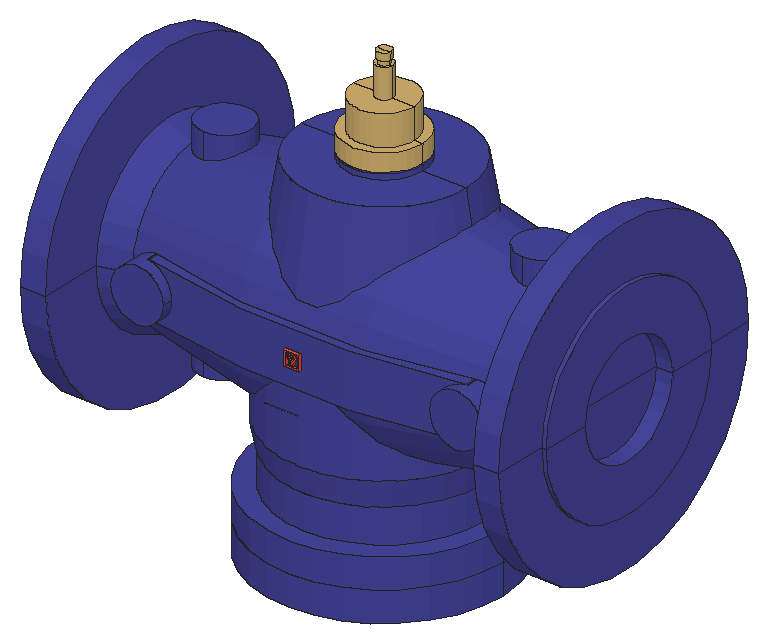
Revit family "Two port control valves 4035_PN16", category Rohrzubehör, Revit 2019
Family settings
  Bemaßung runder Anschluss = Durchmesser verwenden
  Teiletyp = Unterbricht
  OmniClass-Nummer = 23.65.55.14
  OmniClass-Titel = Valves for Liquid Services
  Arbeitsebenenbasiert = Nein
  Immer vertikal = Ja
  Beim Laden mit Abzugskörper schneiden = Nein
  Gemeinsam genutzt = Nein
Parameters (values of type "kvs63")
  kvs63 = yes
  kvs6.3 = no
  kvs40 = no
  kvs4 = no
  kvs330 = no
  kvs250 = no
  kvs25 = no
  kvs2.5 = no
  kvs160 = no
  kvs16 = no
  kvs100 = no
  kvs10 = no
  kvs1.6 = no
  kvs1 = no
  Weight [instance] = size_lookup("4035_PN16", "Gewicht", 25, Nennweite)  # 25
  Valve seat material = "WN1.4021"  # constant formula
  Valve cone material = "WN1.4021/brass"  # constant formula
  Valve curve characteristic = "equal percentage"  # constant formula
  URL = "www.herzvalves.com"
  Stem material = "WN1.4404"  # constant formula
  SCTWSEQ = "FW;SBT_TYP_FW=\"101\";2"
  SCTWCODE = "04;05;02"  # constant formula
  SCRNSEQ = "ARM;ARM_TYP=\"DURR\";2"
  SCRNCODE = "05;06;02"  # constant formula
  R14 = 4 mm  # constant formula
  R13 = 3 mm  # constant formula
  R12 = 5 mm  # constant formula
  R11 [instance] = size_lookup("4035_PN16", "R11", 18 mm, Nennweite)  # 18 mm
  R10 [instance] = size_lookup("4035_PN16", "R10", 23 mm, Nennweite)  # 23 mm
  R09 [instance] = size_lookup("4035_PN16", "R9", 49 mm, Nennweite)  # 49 mm
  R08 [instance] = R00 + 3 mm  # 68 mm
  R07 [instance] = size_lookup("4035_PN16", "R7", 15.5 mm, Nennweite)  # 15.5 mm
  R06 [instance] = size_lookup("4035_PN16", "R6", 15.5 mm, Nennweite)  # 15.5 mm
  R05 [instance] = size_lookup("4035_PN16", "R5", 62.5 mm, Nennweite)  # 62.5 mm
  R04 [instance] = size_lookup("4035_PN16", "R4", 59.5 mm, Nennweite)  # 59.5 mm
  R03 [instance] = size_lookup("4035_PN16", "R3", 43 mm, Nennweite)  # 71 mm
  R02 [instance] = size_lookup("4035_PN16", "R2", 43 mm, Nennweite)  # 43 mm
  R01 [instance] = size_lookup("4035_PN16", "R1", 55.5 mm, Nennweite)  # 55.5 mm
  R00 [instance] = size_lookup("4035_PN16", "R", 65 mm, Nennweite)  # 65 mm
  Part number [instance] = if(and(kvs1, Nennweite = 15 mm), 403501, if(and(kvs1.6, Nennweite = 15 mm), 403511, if(and(kvs2.5, Nennweite = 15 mm), 403521, if(and(kvs4, Nennweite = 15 mm), 403531, if(and(kvs6.3, Nennweite = 25 mm), 403503, if(and(kvs10, Nennweite = 25 mm), 403513, if(and(kvs16, Nennweite = 32 mm), 403504, if(and(kvs25, Nennweite = 40 mm), 403505, if(and(kvs40, Nennweite = 50 mm), 403516, if(and(kvs63, Nennweite = 65 mm), 403507, if(and(kvs100, Nennweite = 80 mm), 403508, if(and(kvs160, Nennweite = 100 mm), 403509, if(and(kvs250, Nennweite = 125 mm), 403510, if(and(kvs330, Nennweite = 150 mm), 403541, 0))))))))))))))  # 403507
  PN = 16  # constant formula
  Nennweite [instance] = 65 mm
  min. Operating temperature = 5 °C  # constant formula
  max. Operating temperature = 150 °C  # constant formula
  max. Operating pressure = 1600000.0 Pa  # constant formula
  Medium = "water purity in accordance with the ÖNORM H 5195 and VDI 2035 standards."
  LO1 [instance] = size_lookup("4035_PN16", "LO1", 28.5 mm, Nennweite)  # 68 mm
  L07 [instance] = L06 - R06  # 94.5 mm
  L06 [instance] = size_lookup("4035_PN16", "L6", 110 mm, Nennweite)  # 110 mm
  L05 [instance] = D00  # 92.5 mm
  L03 = 10 mm  # constant formula
  L02 [instance] = size_lookup("4035_PN16", "L2", 15 mm, Nennweite)  # 15 mm
  L01 = 3 mm  # constant formula
  L00 [instance] = size_lookup("4035_PN16", "L", 145 mm, Nennweite)  # 145 mm
  Hersteller = "Herz-Armaturen GmbH"  # constant formula
  H18 [instance] = 17.5 mm  # constant formula
  H15 = 4 mm  # constant formula
  H14 [instance] = size_lookup("4035_PN16", "H14", 17 mm, Nennweite)  # 17 mm
  H13 [instance] = size_lookup("4035_PN16", "H13", 18 mm, Nennweite)  # 18 mm
  H12 [instance] = size_lookup("4035_PN16", "H12", 10.5 mm, Nennweite)  # 10.5 mm
  H11 [instance] = size_lookup("4035_PN16", "H11", 52.5 mm, Nennweite)  # 52.5 mm
  H10 [instance] = size_lookup("4035_PN16", "H10", 135.4 mm, Nennweite)  # 135.4 mm
  H09 = 3 mm  # constant formula
  H08 [instance] = size_lookup("4035_PN16", "H8", 79 mm, Nennweite)  # 79 mm
  H07 [instance] = R00  # 65 mm
  H06 [instance] = size_lookup("4035_PN16", "H6", 59 mm, Nennweite)  # 59 mm
  H05 [instance] = size_lookup("4035_PN16", "H5", 20 mm, Nennweite)  # 20 mm
  H04 [instance] = size_lookup("4035_PN16", "H4", 17 mm, Nennweite)  # 17 mm
  H02 [instance] = size_lookup("4035_PN16", "H2", 38 mm, Nennweite)  # 38 mm
  H03 [instance] = size_lookup("4035_PN16", "H3", 112 mm, Nennweite)  # 112 mm
  H01 [instance] = size_lookup("4035_PN16", "H1", 14 mm, Nennweite)  # 18 mm
  Valve body material = "EN-GJL-250 (EN 1561)"  # constant formula
  Sealing element material = "70EPDM"  # constant formula
  DN80 [instance] = Nennweite = 80 mm  # no
  DN65 [instance] = Nennweite = 65 mm  # yes
  DN50 [instance] = Nennweite = 50 mm  # no
  DN40 [instance] = Nennweite = 40 mm  # no
  DN32 [instance] = Nennweite = 32 mm  # no
  DN25 [instance] = Nennweite = 25 mm  # no
  DN150 [instance] = Nennweite = 150 mm  # no
  DN15 [instance] = Nennweite = 15 mm  # no
  DN125 [instance] = Nennweite = 125 mm  # no
  DN100 [instance] = Nennweite = 100 mm  # no
  D02 [instance] = Nennweite / 2  # 32.5 mm
  D01 [instance] = size_lookup("4035_PN16", "D1", 61 mm, Nennweite)  # 61 mm
  D00 [instance] = size_lookup("4035_PN16", "D", 92.5 mm, Nennweite)  # 92.5 mm
  built-in parameter 1010103 = ""
  Description = "the two port flanged valve is primarily designed to control the flow of circulation water in district heating and HVAC systems, as well as for remote closing of heating pipelines.\r\ncirculation medium should be cold, warm and hot water in temperature range from 5°C to 150°C.\r\nthe valve can be utilized in almost all heating, ventilation and air-conditioning systems and in industrial and technological processes.\r\nthe valve curve is equal percentage.\r\nregulation ratio (ratio between nominal and minimal flow coefficient) is 30:1.\r\nthe selection of the two port flanged valve is according to the diagram of kvs values.\r\n\r\nFor PN16: Valve is closed when the stem is out. valve is open when the stem is depressed."
  Type of connection = "EN 1092-2"  # constant formula
Types (15, lengths in mm): name | kvs63 | kvs6.3 | kvs40 | kvs4 | kvs330 | kvs250 | kvs25 | kvs2.5 | kvs160 | kvs16 | kvs100 | kvs10 | kvs1.6 | kvs1 | Weight | R11 | R10 | R09 | R08 | R07 | R06 | R05 | R04 | R03 | R02 | R01 | R00 | Part number | Nennweite | Medium | LO1 | L07 | L06 | L05 | L02 | L00 | H14 | H13 | H12 | H11 | H10 | H08 | H07 | H06 | H05 | H04 | H02 | H03 | H01 | DN80 | DN65 | DN50 | DN40 | DN32 | DN25 | DN150 | DN15 | DN125 | DN100 | D02 | D01 | D00
  (no name) | yes | no | no | no | no | no | no | no | no | no | no | no | no | no | 25 | 18 | 23 | 49 | 68 | 15.5 | 15.5 | 62.5 | 59.5 | 71 | 43 | 55.5 | 65 | 403507 | 65 | "water purity in accordance with the ÖNORM H 5195 and VDI 2035 standards." | 68 | 94.5 | 110 | 92.5 | 15 | 145 | 17 | 18 | 10.5 | 52.5 | 135.4 | 79 | 65 | 59 | 20 | 17 | 38 | 112 | 18 | no | yes | no | no | no | no | no | no | no | no | 32.5 | 61 | 92.5
  kvs1 | no | no | no | no | no | no | no | no | no | no | no | no | no | yes | 5 | 10 | 15 | 19.5 | 29.5 | 6 | 6 | 24 | 21 | 32.5 | 14 | 17 | 26.5 | 403501 | 15 | "water purity in accordance with the ÖNORM H 5195 and VDI 2035 standards." | 27.5 | 34 | 40 | 47.5 | 11 | 65 | 13 | 14 | 6.8 | 40.8 | 80.3 | 36.5 | 26.5 | 24.5 | 5 | 13 | 11 | 49 | 14 | no | no | no | no | no | no | no | yes | no | no | 7.5 | 22.5 | 47.5
  kvs1.6 | no | no | no | no | no | no | no | no | no | no | no | no | yes | no | 5 | 10 | 15 | 19.5 | 29.5 | 6 | 6 | 24 | 21 | 32.5 | 14 | 17 | 26.5 | 403511 | 15 | "water purity in accordance with the ÖNORM H 5195 and VDI 2035 standards" | 27.5 | 34 | 40 | 47.5 | 11 | 65 | 13 | 14 | 6.8 | 40.8 | 80.3 | 36.5 | 26.5 | 24.5 | 5 | 13 | 11 | 49 | 14 | no | no | no | no | no | no | no | yes | no | no | 7.5 | 22.5 | 47.5
  kvs2.5 | no | no | no | no | no | no | no | yes | no | no | no | no | no | no | 5 | 10 | 15 | 19.5 | 29.5 | 6 | 6 | 24 | 21 | 32.5 | 14 | 17 | 26.5 | 403521 | 15 | "water purity in accordance with the ÖNORM H 5195 and VDI 2035 standards" | 27.5 | 34 | 40 | 47.5 | 11 | 65 | 13 | 14 | 6.8 | 40.8 | 80.3 | 36.5 | 26.5 | 24.5 | 5 | 13 | 11 | 49 | 14 | no | no | no | no | no | no | no | yes | no | no | 7.5 | 22.5 | 47.5
  kvs4 | no | no | no | yes | no | no | no | no | no | no | no | no | no | no | 5 | 10 | 15 | 19.5 | 29.5 | 6 | 6 | 24 | 21 | 32.5 | 14 | 17 | 26.5 | 403531 | 15 | "water purity in accordance with the ÖNORM H 5195 and VDI 2035 standards" | 27.5 | 34 | 40 | 47.5 | 11 | 65 | 13 | 14 | 6.8 | 40.8 | 80.3 | 36.5 | 26.5 | 24.5 | 5 | 13 | 11 | 49 | 14 | no | no | no | no | no | no | no | yes | no | no | 7.5 | 22.5 | 47.5
  kvs6.3 | no | yes | no | no | no | no | no | no | no | no | no | no | no | no | 8 | 10 | 15 | 19.5 | 41 | 7 | 7 | 35.5 | 32.5 | 44 | 19.5 | 28.5 | 38 | 403503 | 25 | "water purity in accordance with the ÖNORM H 5195 and VDI 2035 standards" | 40 | 45 | 52 | 57.5 | 13 | 80 | 13 | 14 | 6.8 | 40.8 | 88.3 | 44.5 | 38 | 35 | 5 | 15 | 3 | 64 | 16 | no | no | no | no | no | yes | no | no | no | no | 12.5 | 34 | 57.5
  kvs10 | no | no | no | no | no | no | no | no | no | no | no | yes | no | no | 8 | 10 | 15 | 19.5 | 41 | 7 | 7 | 35.5 | 32.5 | 44 | 19.5 | 28.5 | 38 | 403513 | 25 | "water purity in accordance with the ÖNORM H 5195 and VDI 2035 standards" | 40 | 45 | 52 | 57.5 | 13 | 80 | 13 | 14 | 6.8 | 40.8 | 88.3 | 44.5 | 38 | 35 | 5 | 15 | 3 | 64 | 16 | no | no | no | no | no | yes | no | no | no | no | 12.5 | 34 | 57.5
  kvs16 | no | no | no | no | no | no | no | no | no | yes | no | no | no | no | 11.5 | 10 | 15 | 20.5 | 46 | 9 | 9 | 40.5 | 37.5 | 49 | 24.5 | 33.5 | 43 | 403504 | 32 | "water purity in accordance with the ÖNORM H 5195 and VDI 2035 standards" | 45 | 51 | 60 | 70 | 13 | 90 | 17 | 18 | 10.5 | 52.5 | 102 | 46.5 | 43 | 39 | 15 | 15 | 4 | 84 | 16 | no | no | no | no | yes | no | no | no | no | no | 16 | 39 | 70
  kvs25 | no | no | no | no | no | no | yes | no | no | no | no | no | no | no | 13 | 10 | 15 | 20.5 | 51 | 12 | 12 | 45.5 | 42.5 | 54 | 29 | 38.5 | 48 | 403505 | 40 | "water purity in accordance with the ÖNORM H 5195 and VDI 2035 standards" | 50 | 56 | 68 | 75 | 13 | 100 | 17 | 18 | 10.5 | 52.5 | 112 | 56.5 | 48 | 43 | 20 | 15 | 1 | 94 | 16 | no | no | no | yes | no | no | no | no | no | no | 20 | 44 | 75
  kvs63 | yes | no | no | no | no | no | no | no | no | no | no | no | no | no | 25 | 18 | 23 | 49 | 68 | 15.5 | 15.5 | 62.5 | 59.5 | 71 | 43 | 55.5 | 65 | 403507 | 65 | "water purity in accordance with the ÖNORM H 5195 and VDI 2035 standards." | 68 | 94.5 | 110 | 92.5 | 15 | 145 | 17 | 18 | 10.5 | 52.5 | 135.4 | 79 | 65 | 59 | 20 | 17 | 38 | 112 | 18 | no | yes | no | no | no | no | no | no | no | no | 32.5 | 61 | 92.5
  kvs100 | no | no | no | no | no | no | no | no | no | no | yes | no | no | no | 31 | 18 | 23 | 49 | 76 | 15.5 | 15.5 | 70.5 | 67.5 | 79 | 51 | 63.5 | 73 | 403508 | 80 | "water purity in accordance with the ÖNORM H 5195 and VDI 2035 standards" | 77 | 99.5 | 115 | 100 | 17 | 155 | 17 | 18 | 10.5 | 52.5 | 168.5 | 113 | 73 | 65 | 20 | 19 | 46 | 125 | 20 | yes | no | no | no | no | no | no | no | no | no | 40 | 69 | 100
  kvs160 | no | no | no | no | no | no | no | no | yes | no | no | no | no | no | 46 | 30 | 35 | 61 | 86 | 20.5 | 20.5 | 80.5 | 77.5 | 89 | 61 | 73.5 | 83 | 403509 | 100 | "water purity in accordance with the ÖNORM H 5195 and VDI 2035 standards" | 88 | 112.5 | 133 | 110 | 17 | 175 | 21 | 22 | 14.2 | 64.2 | 189.7 | 122.5 | 83 | 73 | 25 | 19 | 65 | 135 | 20 | no | no | no | no | no | no | no | no | no | yes | 50 | 79 | 110
  kvs250 | no | no | no | no | no | yes | no | no | no | no | no | no | no | no | 72 | 30 | 35 | 61 | 101 | 20.5 | 20.5 | 95.5 | 92.5 | 104 | 76 | 88.5 | 98 | 403510 | 125 | "water purity in accordance with the ÖNORM H 5195 and VDI 2035 standards" | 103 | 134.5 | 155 | 125 | 19 | 200 | 21 | 22 | 14.2 | 64.2 | 231 | 163.5 | 98 | 80 | 30 | 21 | 44 | 158 | 21 | no | no | no | no | no | no | no | no | yes | no | 62.5 | 94 | 125
  kvs330 | no | no | no | no | yes | no | no | no | no | no | no | no | no | no | 91 | 30 | 35 | 61 | 113 | 20.5 | 20.5 | 107.5 | 104.5 | 116 | 88 | 100.5 | 110 | 403541 | 150 | "water purity in accordance with the ÖNORM H 5195 and VDI 2035 standards" | 115 | 174.5 | 195 | 142.5 | 19 | 240 | 21 | 22 | 14.2 | 64.2 | 237.5 | 170 | 110 | 85 | 25 | 21 | 42 | 153 | 21 | no | no | no | no | no | no | yes | no | no | no | 75 | 106 | 142.5
  kvs40 | no | no | yes | no | no | no | no | no | no | no | no | no | no | no | 16 | 18 | 23 | 49 | 56 | 13.5 | 13.5 | 52.5 | 49.5 | 61 | 34 | 45.5 | 53 | 403516 | 50 | "water purity in accordance with the ÖNORM H 5195 and VDI 2035 standards" | 56 | 66.5 | 80 | 82.5 | 15 | 115 | 17 | 18 | 10.5 | 52.5 | 122 | 66.5 | 53 | 43 | 1 | 15 | 42 | 67 | 18 | no | no | yes | no | no | no | no | no | no | no | 25 | 51 | 82.5
Reference planes
  plane 1 "Mitte (Vorne/hinten)": y = 0
  plane 2: z = 0
  plane 3 "Mitte (Links/rechts)": x = 0
Forms (mm)
  Revolve 1, solid, material "kunststoff-BLAU", detail levels fine
    sketch origin (1065, 0, 0) x (1, 0, 0) y (0, 1, 0)
      loop
        line (-1207, 61) -> (-1210, 61) -> (-1210, 32.5) -> (-1200, 32.5) -> (-1200, 0) -> (-930, 0) -> (-930, 32.5) -> (-920, 32.5) -> (-920, 61) -> (-923, 61) -> (-923, 92.5) -> (-938, 92.5) -> (-938, 55.5) -> (-955, 49.943)
        arc (-955, 49.943) -> (-1065, 65) -> (-1175, 49.943) r 409.331
        line (-1175, 49.943) -> (-1192, 55.5) -> (-1192, 92.5) -> (-1207, 92.5) -> (-1207, 61)
      axis (-920, 0) -> (-1210, 0)
    angle from 0 to 360
  Extrusion 2, solid, material "kunststoff-BLAU", detail levels fine
    sketch origin (0, 0, 0) x (-1, 0, 0) y (0, 0, -1)
      loop
        circle (94.5, 0) r 15.5
      loop
        circle (-94.5, 0) r 15.5
    from -65 to 65
  Extrusion 3, solid, material "kunststoff-BLAU", visible <- "DN65", detail levels fine
    sketch origin (0, 0, 0) x (1, 0, 0) y (0, 1, 0)
      loop
        arc (-95, -56.907) -> (0, -68) -> (95, -56.907) r 412.331
        line (95, -56.907) -> (95, 56.907)
        arc (95, 56.907) -> (0, 68) -> (-95, 56.907) r 412.331
        line (-95, 56.907) -> (-95, -56.907)
    from -15.5 to 15.5
  Revolve 4, solid, material "kunststoff-BLAU", detail levels fine
    sketch origin (0, 0, 0) x (1, 0, 0) y (0, 0, 1)
      loop
        line (-49, 79) -> (-62.5, 0) -> (0, 0) -> (0, 82) -> (-23, 82) -> (-23, 79) -> (-49, 79)
      axis (0, 82) -> (0, 0)
    angle from 0 to 360
  Revolve 5, solid, material "kunststoff-BLAU", detail levels fine
    sketch origin (0, 0, 0) x (1, 0, 0) y (0, 0, 1)
      loop
        line (0, 0) -> (-62.5, 0) -> (-62.5, -59) -> (-59.5, -74.5) -> (-59.5, -94.5) -> (-71, -94.5) -> (-71, -112) -> (0, -112) -> (0, 0)
      axis (0, 0) -> (0, -112)
    angle from 0 to 360
  Revolve 6, solid, material "kunststoff-BLAU", detail levels fine
    sketch origin (0, 0, 0) x (1, 0, 0) y (0, 0, 1)
      loop
        line (0, -112) -> (-71, -112) -> (-71, -130) -> (0, -130) -> (0, -112)
      axis (0, -112) -> (0, -130)
    angle from 0 to 360
  Extrusion 7, solid, material "kunststoff-BLAU", detail levels fine
    sketch origin (0, 0, 0) x (0, -1, 0) y (1, 0, 0)
      loop
        circle (0, -94.5) r 15.5
      loop
        circle (0, 94.5) r 15.5
    from -65 to 65
  Extrusion 8, solid, material "kunststoff-BLAU", visible <- "DN150", detail levels fine
    sketch origin (0, 0, 0) x (1, 0, 0) y (0, 1, 0)
      loop
        arc (-179.5, -78.475) -> (0, -115) -> (179.5, -78.475) r 459.331
        line (179.5, -78.475) -> (179.5, 78.475)
        arc (179.5, 78.475) -> (0, 115) -> (-179.5, 78.475) r 459.331
        line (-179.5, 78.475) -> (-179.5, -78.475)
    from -20.5 to 20.5
  Extrusion 9, solid, material "kunststoff-BLAU", visible <- "DN125", detail levels fine
    sketch origin (0, 0, 0) x (1, 0, 0) y (0, 1, 0)
      loop
        arc (-134.5, -82.301) -> (0, -103) -> (134.5, -82.301) r 447.331
        line (134.5, -82.301) -> (134.5, 82.301)
        arc (134.5, 82.301) -> (0, 103) -> (-134.5, 82.301) r 447.331
        line (-134.5, 82.301) -> (-134.5, -82.301)
    from -20.5 to 20.5
  Extrusion 10, solid, material "kunststoff-BLAU", visible <- "DN100", detail levels fine
    sketch origin (0, 0, 0) x (1, 0, 0) y (0, 1, 0)
      loop
        arc (-112.5, -73.106) -> (0, -88) -> (112.5, -73.106) r 432.331
        line (112.5, -73.106) -> (112.5, 73.106)
        arc (112.5, 73.106) -> (0, 88) -> (-112.5, 73.106) r 432.331
        line (-112.5, 73.106) -> (-112.5, -73.106)
    from -20.5 to 20.5
  Extrusion 11, solid, material "kunststoff-BLAU", visible <- "DN80", detail levels fine
    sketch origin (0, 0, 0) x (1, 0, 0) y (0, 1, 0)
      loop
        line (99.5, -65.083) -> (99.5, 65.083)
        arc (99.5, 65.083) -> (0, 77) -> (-99.5, 65.083) r 421.331
        line (-99.5, 65.083) -> (-99.5, -65.083)
        arc (-99.5, -65.083) -> (0, -77) -> (99.5, -65.083) r 421.331
    from -15.5 to 15.5
  Extrusion 12, solid, material "kunststoff-BLAU", visible <- "DN50", detail levels fine
    sketch origin (0, 0, 0) x (1, 0, 0) y (0, 1, 0)
      loop
        arc (-66.5, -50.44) -> (0, -56.006) -> (66.5, -50.44) r 400.05
        line (66.5, -50.44) -> (66.5, 50.44)
        arc (66.5, 50.44) -> (0, 56.006) -> (-66.5, 50.44) r 400.05
        line (-66.5, 50.44) -> (-66.5, -50.44)
    from -13.5 to 13.5
  Extrusion 13, solid, material "kunststoff-BLAU", visible <- "DN40", detail levels fine
    sketch origin (0, 0, 0) x (1, 0, 0) y (0, 1, 0)
      loop
        arc (-56, -46.003) -> (0, -50) -> (56, -46.003) r 394.331
        line (56, -46.003) -> (56, 46.003)
        arc (56, 46.003) -> (0, 50) -> (-56, 46.003) r 394.331
        line (-56, 46.003) -> (-56, -46.003)
    from -12 to 12
  Extrusion 14, solid, material "kunststoff-BLAU", visible <- "DN32", detail levels fine
    sketch origin (0, 0, 0) x (1, 0, 0) y (0, 1, 0)
      loop
        arc (-51, -41.645) -> (0, -45) -> (51, -41.645) r 389.331
        line (51, -41.645) -> (51, 41.645)
        arc (51, 41.645) -> (0, 45) -> (-51, 41.645) r 389.331
        line (-51, 41.645) -> (-51, -41.645)
    from -9 to 9
  Extrusion 15, solid, material "kunststoff-BLAU", visible <- "DN25", detail levels fine
    sketch origin (0, 0, 0) x (1, 0, 0) y (0, 1, 0)
      loop
        line (45, -37.356) -> (45, 37.356)
        arc (45, 37.356) -> (0, 40) -> (-45, 37.356) r 384.331
        line (-45, 37.356) -> (-45, -37.356)
        arc (-45, -37.356) -> (0, -40) -> (45, -37.356) r 384.331
    from -7 to 7
  Extrusion 16, solid, material "kunststoff-BLAU", visible <- "DN15", detail levels fine
    sketch origin (0, 0, 0) x (1, 0, 0) y (0, 1, 0)
      loop
        line (-34, 25.942) -> (-34, -25.942)
        arc (-34, -25.942) -> (0, -27.5) -> (34, -25.942) r 371.831
        line (34, -25.942) -> (34, 25.942)
        arc (34, 25.942) -> (0, 27.5) -> (-34, 25.942) r 371.831
    from -6 to 6
  Revolve 17, solid, material "Messing-poliert", detail levels fine
    sketch origin (0, 0, 0) x (1, 0, 0) y (0, 0, 1)
      loop
        line (-23, 93.4) -> (-23, 82.9) -> (0, 82.9) -> (0, 135.4) -> (-4, 135.4) -> (-4, 131.4) -> (-3, 131.4) -> (-3, 128.4) -> (-5, 128.4) -> (-5, 111.4) -> (-18, 111.4) -> (-18, 93.4) -> (-23, 93.4)
      axis (0, 135.4) -> (0, 82.9)
    angle from 0 to 360
Lines and regions (mm)
  model lines, detail levels coarse+medium
    curve 1: line (145, 0, 92.5) -> (145, 0, -92.5)
    curve 2: line (145, 0, -92.5) -> (-145, 0, 92.5)
    curve 3: line (-145, 0, 92.5) -> (-145, 0, -92.5)
    curve 4: line (-145, 0, -92.5) -> (145, 0, 92.5)
    curve 5: line (145, 92.5, 0) -> (145, -92.5, 0)
    curve 6: line (145, -92.5, 0) -> (-145, 92.5, 0)
    curve 7: line (-145, 92.5, 0) -> (-145, -92.5, 0)
    curve 8: line (-145, -92.5, 0) -> (145, 92.5, 0)
Dimensions and locks
  "L00": Revolve 1 sketch curve to plane 3 "Mitte (Links/rechts)" to Revolve 1 sketch curve
  "D00": plane 1 "Mitte (Vorne/hinten)" to Revolve 1 sketch curve  (x2)
  "D02": plane 1 "Mitte (Vorne/hinten)" to Revolve 1 sketch curve  (x2)
  "L01": Revolve 1 sketch curve to Revolve 1 sketch curve  (x2)
  "L02": Revolve 1 sketch curve to Revolve 1 sketch curve  (x2)
  "D01": plane 1 "Mitte (Vorne/hinten)" to Revolve 1 sketch curve  (x2)
  "R01": plane 1 "Mitte (Vorne/hinten)" to Revolve 1 sketch curve  (x2)
  "R00": Revolve 1 sketch curve to Revolve 1 sketch curve
  "L03": Revolve 1 sketch curve to Revolve 1 sketch curve  (x2)
  "H01": Revolve 6 sketch curve to Revolve 6 sketch curve
  "R03": plane 3 "Mitte (Links/rechts)" to Revolve 6 sketch curve
  "R03": Revolve 5 sketch curve to Revolve 5 sketch curve
  "H03": plane 2 to Revolve 5 sketch curve
  "H06": Revolve 5 sketch curve to Revolve 5 sketch curve
  "R04": Revolve 5 sketch curve to Revolve 5 sketch curve
  "R05": Revolve 5 sketch curve to Revolve 5 sketch curve
  "H05": Revolve 5 sketch curve to Revolve 5 sketch curve
  "L06": Revolve 1 sketch curve to plane 3 "Mitte (Links/rechts)" to Revolve 1 sketch curve
  "H03": plane 2 to Revolve 6 sketch curve
  "R09": Revolve 4 sketch curve to Revolve 4 sketch curve
  "R05": Revolve 4 sketch curve to Revolve 4 sketch curve
  "H07": Extrusion 7 to plane 2 to Extrusion 7  (x2)
  "L07": plane 3 "Mitte (Links/rechts)" to Extrusion 7 sketch curve
  "L07": Extrusion 7 sketch curve to plane 3 "Mitte (Links/rechts)"
  "H07": Extrusion 2 to plane 1 "Mitte (Vorne/hinten)"  (x3)
  "L07": plane 3 "Mitte (Links/rechts)" to Extrusion 2 sketch curve
  "L07": Extrusion 2 sketch curve to plane 3 "Mitte (Links/rechts)"
  "H07": plane 1 "Mitte (Vorne/hinten)" to Extrusion 2
  "H08": Revolve 4 sketch curve to plane 2
  "H09": Revolve 4 sketch curve to Revolve 4 sketch curve
  "R10": plane 3 "Mitte (Links/rechts)" to Revolve 4 sketch curve
  "H11": Revolve 17 sketch curve to Revolve 17 sketch curve
  "H10": Revolve 17 sketch curve to plane 2
  "R10": plane 3 "Mitte (Links/rechts)" to Revolve 17 sketch curve
  "H12": Revolve 17 sketch curve to Revolve 17 sketch curve
  "H13": Revolve 17 sketch curve to Revolve 17 sketch curve
  "H14": Revolve 17 sketch curve to Revolve 17 sketch curve
  "H15": Revolve 17 sketch curve to Revolve 17 sketch curve
  "R14": plane 3 "Mitte (Links/rechts)" to Revolve 17 sketch curve
  "R13": plane 3 "Mitte (Links/rechts)" to Revolve 17 sketch curve
  "R11": plane 3 "Mitte (Links/rechts)" to Revolve 17 sketch curve
  "R12": plane 3 "Mitte (Links/rechts)" to Revolve 17 sketch curve
  "LO1": nested 1 to plane 1 "Mitte (Vorne/hinten)"
  "H18": Revolve 5 sketch curve to Revolve 6
  "D00": curve 3 to plane 2 to curve 4
  "D00": curve 4 to plane 2 to curve 2
  "L00": curve 3 to plane 3 "Mitte (Links/rechts)" to curve 1
  "D00": curve 8 to plane 1 "Mitte (Vorne/hinten)" to curve 7
  "D00": curve 5 to plane 1 "Mitte (Vorne/hinten)" to curve 8
  "L00": curve 7 to plane 3 "Mitte (Links/rechts)" to curve 5
  "R06": radius of Extrusion 7 sketch curve  (x2)
  "R07": radius of Extrusion 2 sketch curve  (x2)
  aligned and locked: level to plane 2
Automatic sketch dimensions
  Extrusion 3 sketch curve to plane 1 "Mitte (Vorne/hinten)" = 56.907 mm  (x2)
  Extrusion 3 sketch curve to plane 3 "Mitte (Links/rechts)" = 0 mm  (x2)
  Extrusion 3 sketch curve to Extrusion 3 sketch curve = 113.814 mm
  Extrusion 3 sketch curve to Extrusion 3 sketch curve = 287.425 mm
  Extrusion 3 sketch curve to plane 1 "Mitte (Vorne/hinten)" = 344.331 mm
  plane 3 "Mitte (Links/rechts)" to Extrusion 3 sketch curve = 95 mm
  Extrusion 8 sketch curve to plane 3 "Mitte (Links/rechts)" = 0 mm  (x2)
  Extrusion 8 sketch curve to plane 1 "Mitte (Vorne/hinten)" = 78.475 mm  (x2)
  plane 1 "Mitte (Vorne/hinten)" to Extrusion 8 sketch curve = 78.475 mm
  Extrusion 8 sketch curve to plane 3 "Mitte (Links/rechts)" = 179.5 mm
  Extrusion 8 sketch curve to Extrusion 8 sketch curve = 265.857 mm
  Extrusion 8 sketch curve to plane 1 "Mitte (Vorne/hinten)" = 344.331 mm
  plane 3 "Mitte (Links/rechts)" to Extrusion 9 sketch curve = 134.5 mm
  plane 1 "Mitte (Vorne/hinten)" to Extrusion 9 sketch curve = 82.301 mm  (x2)
  Extrusion 9 sketch curve to plane 3 "Mitte (Links/rechts)" = 0 mm  (x2)
  Extrusion 9 sketch curve to Extrusion 9 sketch curve = 262.031 mm  (x2)
  Extrusion 9 sketch curve to plane 1 "Mitte (Vorne/hinten)" = 82.301 mm
  Extrusion 10 sketch curve to plane 3 "Mitte (Links/rechts)" = 0 mm  (x2)
  plane 1 "Mitte (Vorne/hinten)" to Extrusion 10 sketch curve = 73.106 mm
  Extrusion 10 sketch curve to plane 3 "Mitte (Links/rechts)" = 112.5 mm
  Extrusion 10 sketch curve to Extrusion 10 sketch curve = 271.225 mm
  Extrusion 10 sketch curve to plane 1 "Mitte (Vorne/hinten)" = 344.331 mm
  Extrusion 10 sketch curve to plane 1 "Mitte (Vorne/hinten)" = 73.106 mm  (x2)
  Extrusion 11 sketch curve to plane 3 "Mitte (Links/rechts)" = 0 mm  (x2)
  plane 1 "Mitte (Vorne/hinten)" to Extrusion 11 sketch curve = 65.083 mm  (x2)
  Extrusion 11 sketch curve to plane 3 "Mitte (Links/rechts)" = 99.5 mm
  Extrusion 11 sketch curve to Extrusion 11 sketch curve = 279.249 mm
  Extrusion 11 sketch curve to plane 1 "Mitte (Vorne/hinten)" = 344.331 mm
  Extrusion 11 sketch curve to plane 1 "Mitte (Vorne/hinten)" = 65.083 mm
  Extrusion 12 sketch curve to plane 3 "Mitte (Links/rechts)" = 0 mm  (x2)
  Extrusion 12 sketch curve to plane 3 "Mitte (Links/rechts)" = 66.5 mm
  plane 3 "Mitte (Links/rechts)" to Extrusion 12 sketch curve = 66.5 mm
  plane 1 "Mitte (Vorne/hinten)" to Extrusion 12 sketch curve = 344.044 mm
  plane 1 "Mitte (Vorne/hinten)" to Extrusion 12 sketch curve = 50.44 mm
  Extrusion 12 sketch curve to plane 1 "Mitte (Vorne/hinten)" = 50.44 mm
  Extrusion 12 sketch curve to Extrusion 12 sketch curve = 293.604 mm
  Extrusion 13 sketch curve to plane 3 "Mitte (Links/rechts)" = 0 mm  (x2)
  Extrusion 13 sketch curve to plane 3 "Mitte (Links/rechts)" = 56 mm
  plane 3 "Mitte (Links/rechts)" to Extrusion 13 sketch curve = 56 mm
  plane 1 "Mitte (Vorne/hinten)" to Extrusion 13 sketch curve = 344.331 mm
  plane 1 "Mitte (Vorne/hinten)" to Extrusion 13 sketch curve = 46.003 mm
  Extrusion 13 sketch curve to plane 1 "Mitte (Vorne/hinten)" = 46.003 mm
  Extrusion 13 sketch curve to Extrusion 13 sketch curve = 298.328 mm
  Extrusion 14 sketch curve to plane 3 "Mitte (Links/rechts)" = 0 mm  (x2)
  Extrusion 14 sketch curve to plane 3 "Mitte (Links/rechts)" = 51 mm
  plane 3 "Mitte (Links/rechts)" to Extrusion 14 sketch curve = 51 mm
  plane 1 "Mitte (Vorne/hinten)" to Extrusion 14 sketch curve = 344.331 mm
  plane 1 "Mitte (Vorne/hinten)" to Extrusion 14 sketch curve = 41.645 mm
  Extrusion 14 sketch curve to plane 1 "Mitte (Vorne/hinten)" = 41.645 mm
  Extrusion 14 sketch curve to Extrusion 14 sketch curve = 302.686 mm
  Extrusion 15 sketch curve to plane 3 "Mitte (Links/rechts)" = 0 mm  (x2)
  Extrusion 15 sketch curve to plane 3 "Mitte (Links/rechts)" = 45 mm
  plane 3 "Mitte (Links/rechts)" to Extrusion 15 sketch curve = 45 mm
  plane 1 "Mitte (Vorne/hinten)" to Extrusion 15 sketch curve = 344.331 mm
  plane 1 "Mitte (Vorne/hinten)" to Extrusion 15 sketch curve = 37.356 mm
  Extrusion 15 sketch curve to plane 1 "Mitte (Vorne/hinten)" = 37.356 mm
  Extrusion 15 sketch curve to Extrusion 15 sketch curve = 306.975 mm
  Extrusion 16 sketch curve to plane 3 "Mitte (Links/rechts)" = 0 mm  (x2)
  Extrusion 16 sketch curve to plane 3 "Mitte (Links/rechts)" = 34 mm
  plane 3 "Mitte (Links/rechts)" to Extrusion 16 sketch curve = 34 mm
  plane 1 "Mitte (Vorne/hinten)" to Extrusion 16 sketch curve = 344.331 mm
  plane 1 "Mitte (Vorne/hinten)" to Extrusion 16 sketch curve = 25.942 mm
  Extrusion 16 sketch curve to plane 1 "Mitte (Vorne/hinten)" = 25.942 mm
  Extrusion 16 sketch curve to Extrusion 16 sketch curve = 318.389 mm
  Revolve 1 sketch curve to plane 1 "Mitte (Vorne/hinten)" = 0 mm
  Revolve 1 sketch curve to plane 3 "Mitte (Links/rechts)" = 0 mm
  plane 1 "Mitte (Vorne/hinten)" to Revolve 1 sketch curve = 0 mm
  plane 1 "Mitte (Vorne/hinten)" to Revolve 1 sketch curve = 344.331 mm
  Revolve 1 sketch curve to Revolve 1 sketch curve = 1855 mm  (x2)
  Extrusion 2 sketch curve to level = 0 mm  (x2)
  Revolve 4 sketch curve to level = 0 mm
  Revolve 4 sketch curve to plane 3 "Mitte (Links/rechts)" = 0 mm  (x2)
  Revolve 4 sketch curve to Revolve 4 sketch curve = 366.045 mm
  Revolve 4 sketch curve to Revolve 4 sketch curve = 2132.315 mm
  Revolve 5 sketch curve to level = 0 mm
  Revolve 5 sketch curve to plane 3 "Mitte (Links/rechts)" = 0 mm  (x2)
  Revolve 5 sketch curve to Revolve 5 sketch curve = 254.045 mm
  level to Revolve 5 sketch curve = 2214.315 mm
  Revolve 6 sketch curve to plane 3 "Mitte (Links/rechts)" = 0 mm  (x2)
  Revolve 6 sketch curve to Revolve 6 sketch curve = 0 mm
  level to Revolve 6 sketch curve = 2214.315 mm
  plane 1 "Mitte (Vorne/hinten)" to Extrusion 7 sketch curve = 0 mm  (x2)
  Revolve 17 sketch curve to plane 3 "Mitte (Links/rechts)" = 0 mm  (x2)
  Revolve 17 sketch curve to level = 366.045 mm
  Revolve 17 sketch curve to Revolve 17 sketch curve = 2079.815 mm
Nested families
  nested 1: "Herz-Logo-vorne" at (-0.018, -68, 0) x (0, 1, 0) z (0, 0, 1), type "Herz-Logo-vorne", detail levels fine
Connectors
  piping at (-145, 0, 0), diameter 65, driven by "Nennweite"
    settings: on Revolve 1, index 1, connector inside diameter 609.6 mm, connector length 0 mm, flow factor 0, pipe flow 0.0 L/s, pressure drop 0.0 Pa, fitting loss kfactor 0, connector angle 0.00°, fixture units 0, engagement length 0 mm, angle of deflection 0.00°, flow configuration 0, flow direction 1, fitting loss method 0, system type 29, joint type 0, gender type 0, connector reference index -1, connector utility 0, adjustable connector no, is connector primary yes, connector description ""
  piping at (145, 0, 0), diameter 65, driven by "Nennweite"
    settings: on Revolve 1, index 2, connector inside diameter 609.6 mm, connector length 0 mm, flow factor 0, pipe flow 0.0 L/s, pressure drop 0.0 Pa, fitting loss kfactor 0, connector angle 0.00°, fixture units 0, engagement length 0 mm, angle of deflection 0.00°, flow configuration 0, flow direction 2, fitting loss method 0, system type 29, joint type 0, gender type 0, connector reference index -1, connector utility 0, adjustable connector no, is connector primary no, connector description ""
Definition of nested family "Herz-Logo-vorne"
  Reference planes
    plane 1 "Mitte (Vorne/hinten)": y = 0
    plane 2: z = 0
    plane 3 "Mitte (Links/rechts)": x = 0
  Forms (mm)
    Extrusion 1, solid
      sketch origin (0.732, -0.018, 0.017) x (0, -1, 0) y (0, 0, 1)
        loop
          line (-0.018, -4.517) -> (4.482, -4.517) -> (4.482, 4.483) -> (-4.518, 4.483) -> (-4.518, -4.517) -> (-0.018, -4.517)
        loop
          line (-0.05, -3.48) -> (3.482, -3.48) -> (3.482, 3.483) -> (-3.518, 3.483) -> (-3.518, -3.48) -> (-0.05, -3.48)
        loop
          arc (-0.018, 2.383) -> (-1.543, 3.287) -> (-3.067, 2.383) r 1.738
          arc (-3.067, 2.383) -> (-3.191, 1.899) -> (-3.067, 1.415) r 1.009
          line (-3.067, 1.415) -> (-0.018, -3.281) -> (3.032, 1.415)
          arc (3.032, 1.415) -> (3.156, 1.899) -> (3.032, 2.383) r 1.009
          arc (3.032, 2.383) -> (1.507, 3.287) -> (-0.018, 2.383) r 1.738
        loop
          arc (1.885, 1.272) -> (2.005, 1.675) -> (1.885, 2.079) r 0.74
          arc (1.885, 2.079) -> (1.265, 2.416) -> (0.644, 2.079) r 0.74
          line (0.644, 2.079) -> (-0.018, 0.97) -> (-0.679, 2.079)
          arc (-0.679, 2.079) -> (-1.3, 2.416) -> (-1.921, 2.079) r 0.74
          arc (-1.921, 2.079) -> (-2.04, 1.675) -> (-1.921, 1.272) r 0.74
          line (-1.921, 1.272) -> (-0.018, -1.658) -> (1.885, 1.272)
      from 0 to 1.5
  Dimensions and locks
    aligned and locked: level to plane 2
